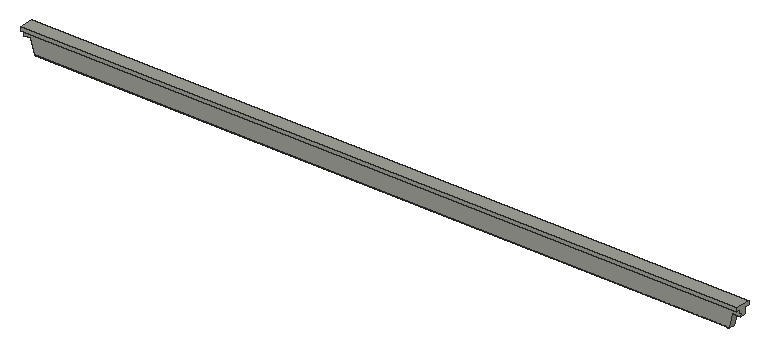
Revit family "Viga_T_Premoldada", category Structural Framing, Revit 2025
Family settings
  Display in Hidden Views = Edges Hidden by Other Members
  Structural Framing Length Roundoff = 0.000 m
  Section Shape = T-Shape
  Material for Model Behavior = Precast Concrete
  Always export as geometry = No
  OmniClass Number = 23.25.30.11.14.14
  OmniClass Title = Beams
  Always vertical = Yes
  Cut with Voids When Loaded = Yes
  Symbolic Representation = From Family
  Shared = No
  Show family pre-cut in plan views = Yes
Parameters (values of type "190x600x1000")
  ho = 0.150 m
  ho Label = if(ho < 0.150 m, 0.150 m, ho)  # 0.150 m
  bo = 0.600 m
  bm = 0.250 m
  Structural Material [instance] = CT_Concreto_Premoldado
  Right Join Cutback [instance] = 0.000 m
  Left Join Cutback [instance] = 0.000 m
  L1 = if(bm > bu, bm, bu)  # 0.250 m
  Installation Tolerance = 0.020 m
  h = 1.000 m
  bu = 0.190 m
  Formwork Symbol Offset = 0.030 m
  Formwork Symbol = yes
  Fork Width = if(0.3 * h < 0.150 m, 0.150 m, 0.3 * h)  # 0.300 m
  Fork Height = if(0.4 * h < 0.200 m, 0.200 m, 0.4 * h)  # 0.400 m
  Chamfer = 0.010 m
  Assembly Code = ""
  Length [instance] = 30.000 m
  Angle = 75.00°
Reference planes (m)
  plane 1 "Center (Front/Back)": y = 0
  plane 2: z = 0
  plane 3 "Center (Left/Right)": x = 0
  plane 4 "Member Left": x = -0.654019
  plane 5 "Member Right": x = 14.245981
  plane 6 "Left": x = -0.754019
  plane 7 "Right": x = 29.245981
  plane 8: z = 0.5
  plane 9: y = -0.3
  plane 10: y = 0.3
  plane 11: z = -0.5
  plane 12: y = 0.095
  plane 13: y = -0.095
  plane 14: x = -0.734019
  plane 15: x = 29.225981
  plane 16: y = 0.085
  plane 17: y = -0.085
  plane 18: z = -0.49
  plane 19: z = 0.35
  plane 20: y = 0.125
  plane 21: y = -0.125
  plane 22: y = 0.33
  plane 23: y = -0.33
  plane 24: y = 0.155
  plane 25: y = -0.155
  plane 26: z = -0.53
  plane 27: z = 0.425
  plane 28: z = 0.1
  plane 29: y = 0.125
  plane 30: y = -0.125
  plane 31: x = -0.434019
  plane 32: x = 28.925981
  plane 33: x = -0.734019
  plane 34: x = 29.225981
Forms (m)
  Extrusion 1, solid, material "CT_Concreto_Premoldado" <- "Structural Material"
    sketch origin (0, 0, 0) x (0, 1, 0) y (0, 0, 1)
      loop
        line (-0.3, 0.5) -> (-0.3, 0.35) -> (-0.125, 0.35) -> (-0.095, -0.49) -> (-0.085, -0.5) -> (0.085, -0.5) -> (0.095, -0.49) -> (0.125, 0.35) -> (0.3, 0.35) -> (0.3, 0.5) -> (-0.3, 0.5)
    from -0.734019 to 29.225981
  Extrusion 2, void
    sketch origin (0, 0, 0) x (1, 0, 0) y (0, 0, 1)
      loop
        line (-0.734019, 0.1) -> (-0.734019, -0.5) -> (-0.27325, -0.5) -> (-0.434019, 0.1) -> (-0.734019, 0.1)
      loop
        line (28.925981, 0.1) -> (28.765211, -0.5) -> (29.225981, -0.5) -> (29.225981, 0.1) -> (28.925981, 0.1)
    from -0.125 to 0.125
Cuts and joins
  Extrusion 2 cuts Extrusion 1
Lines and regions (m)
  reference lines
    curve 1: line (-0.434019, 0, 0.1) -> (-0.242493, 0, -0.614785)
    curve 2: line (28.925981, 0, 0.1) -> (28.734455, 0, -0.614785)
Dimensions and locks (m)
  "Length": plane 6 "Left" to plane 7 "Right"
  locked: level to plane 2
  equal spacing: plane 10, plane 1 "Center (Front/Back)", plane 9
  "bo": plane 10 to plane 9
  equal spacing: plane 8, plane 2, plane 11
  "h": plane 8 to plane 11
  equal spacing: plane 12, plane 1 "Center (Front/Back)", plane 13
  "bu": plane 12 to plane 13
  "Installation Tolerance": plane 6 "Left" to plane 14
  "Installation Tolerance": plane 15 to plane 7 "Right"
  "Chamfer": plane 12 to plane 16
  "Chamfer": plane 17 to plane 13
  "Chamfer": plane 18 to plane 11
  equal spacing: plane 20, plane 1 "Center (Front/Back)", plane 21
  "bm": plane 20 to plane 21
  "ho Label": plane 8 to plane 19
  "Formwork Symbol Offset": plane 11 to plane 26
  "Formwork Symbol Offset": plane 21 to plane 25
  "Formwork Symbol Offset": plane 24 to plane 20
  equal spacing: plane 8, plane 27, plane 19
  "Formwork Symbol Offset": plane 22 to plane 10
  "Formwork Symbol Offset": plane 9 to plane 23
  "Fork Height": plane 8 to plane 28
  equal spacing: plane 29, plane 1 "Center (Front/Back)", plane 30
  "L1": plane 29 to plane 30
  "Left Join Cutback": plane 14 to plane 33
  "Fork Width": plane 33 to plane 31
  "Right Join Cutback": plane 34 to plane 15
  "Fork Width": plane 32 to plane 34
  equal spacing: plane 34, plane 5 "Member Right", plane 33
  "Angle": angle curve 1 to plane 28
  "Angle": angle plane 28 to curve 2
  aligned and locked: Extrusion 1 sketch curve to plane 8
  aligned and locked: plane 8 to Extrusion 1 sketch curve
  aligned and locked: Extrusion 1 sketch curve to plane 9
  aligned and locked: plane 19 to Extrusion 1 sketch curve  (x3)
  aligned and locked: plane 9 to Extrusion 1 sketch curve
  aligned and locked: Extrusion 1 sketch curve to plane 10
  aligned and locked: plane 10 to Extrusion 1 sketch curve
  aligned and locked: Extrusion 1 sketch curve to plane 19
  aligned and locked: Extrusion 1 sketch curve to plane 11
  aligned and locked: plane 16 to Extrusion 1 sketch curve
  aligned and locked: Extrusion 1 sketch curve to plane 17
  aligned and locked: plane 11 to Extrusion 1 sketch curve
  aligned and locked: plane 18 to Extrusion 1 sketch curve  (x2)
  aligned and locked: nested 5 to plane 1 "Center (Front/Back)"
  aligned and locked: plane 26 to nested 5
  aligned and locked: plane 2 to nested 4
  aligned and locked: plane 2 to nested 3
  aligned and locked: plane 24 to nested 3
  aligned and locked: plane 25 to nested 4
  aligned and locked: plane 23 to nested 2
  aligned and locked: plane 22 to nested 1
  aligned and locked: plane 27 to nested 1
  aligned and locked: nested 2 to plane 27
  aligned and locked: plane 12 to Extrusion 1 sketch curve
  aligned and locked: plane 13 to Extrusion 1 sketch curve
  aligned and locked: plane 20 to Extrusion 1 sketch curve
  aligned and locked: plane 21 to Extrusion 1 sketch curve
  aligned and locked: plane 28 to curve 1
  aligned and locked: plane 32 to curve 2
  aligned and locked: curve 2 to plane 28
  aligned and locked: plane 31 to Extrusion 2 sketch curve
  aligned and locked: plane 28 to Extrusion 2 sketch curve
  aligned and locked: plane 11 to Extrusion 2 sketch curve  (x2)
  aligned and locked: plane 32 to Extrusion 2 sketch curve
  aligned and locked: Extrusion 2 sketch curve to plane 28
  aligned and locked: Extrusion 2 sketch curve to plane 11
  aligned and locked: Extrusion 2 sketch curve to curve 1
  aligned and locked: Extrusion 2 sketch curve to curve 2
  aligned and locked: Extrusion 2 to plane 29
  aligned and locked: Extrusion 2 to plane 30
  aligned and locked: cut or joined group of Extrusion 1, Extrusion 2 to plane 33
  aligned and locked: plane 34 to cut or joined group of Extrusion 1, Extrusion 2
  aligned and locked: Extrusion 2 sketch curve to plane 33
  aligned and locked: Extrusion 2 sketch curve to plane 34
Automatic sketch dimensions
  curve 1 to plane 31 = 0.000 m
Nested families (m)
  nested 1: "Formwork Symbol" at (0, 0.33, 0.425) x (0, -1, 0) z (1, 0, 0), visible <- "Formwork Symbol", type "Formwork Symbol", detail levels fine
  nested 2: "Formwork Symbol" at (0, -0.33, 0.425) x (0, -1, 0) z (1, 0, 0), visible <- "Formwork Symbol", type "Formwork Symbol", detail levels fine
  nested 3: "Formwork Symbol" at (0, 0.155, 0) x (0, -1, 0) z (1, 0, 0), visible <- "Formwork Symbol", type "Formwork Symbol", detail levels fine
  nested 4: "Formwork Symbol" at (0, -0.155, 0) x (0, -1, 0) z (1, 0, 0), visible <- "Formwork Symbol", type "Formwork Symbol", detail levels fine
  nested 5: "Formwork Symbol" at (0, 0, -0.53) x (0, -1, 0) z (1, 0, 0), visible <- "Formwork Symbol", type "Formwork Symbol", detail levels fine
Definition of nested family "Formwork Symbol"
  Parameters (values of type "Formwork Symbol")
    D = 0.015 m
  Reference planes (m)
    plane 1 "Center (Front/Back)": y = 0
    plane 2: z = 0
    plane 3 "Center (Left/Right)": x = 0
  Lines and regions (m)
    Filled region 1, type "Solid Fill - Black", in view "Ref. Level"
      outline origin (0, 0, 0) x (1, 0, 0) y (0, 1, 0)
        loop
          circle (0, 0) r 0.0075
  Dimensions and locks (m)
    "D": diameter of Filled region 1 sketch curve
    aligned and locked: plane 1 "Center (Front/Back)" to Filled region 1 sketch curve
    aligned and locked: plane 3 "Center (Left/Right)" to Filled region 1 sketch curve
